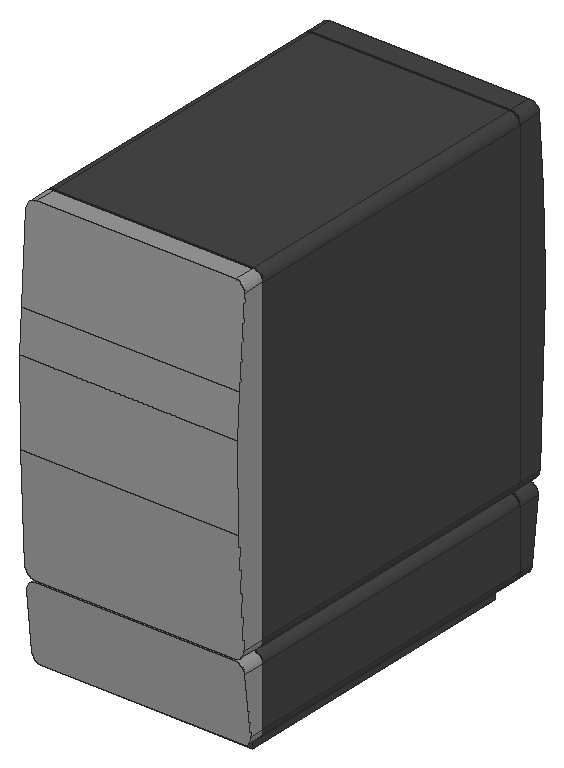
Revit family "Franke_Under_table_refrigerator_UT05_EC-A600_MS_EC_A600_FM_EC_A800_FM_EC(USA)", category Specialty Equipment, Revit 2015
Parameters (values of type "Under table refrigerator UT05 EC-A600 MS EC,A600 FM EC,A800 FM EC(110-127V/USA)")
  Volts max. = 127 V
  URL = "https://www.franke.com/main/en/cs/products/product-search.html"
  Max Overcurrent Protection = "-"
  Depth (mm) = 475 mm
  Temperature range = "+ 3° to + 8°"
  Volts min. = 110 V
  Cycle Alternative = 0 Hz
  Cycle = 60 Hz
  Model = "410879 - Under table refrigerator UT05 EC - A600 MS EC, A600 FM EC, A800 FM EC"
  Milk storage = "5 l"
  Current consumption = 1.5 A
  Cost = 0
  Height (mm) = 544 mm
  Manufacturer = "Franke"
  Energy loss acc. to DIN 18873 = "0.638 kWh/24 h - 230 V"
  Width (mm) = 270 mm
  Description = "key module Under table refrigerator UT05 for storage of cooled milk"
  Assembly Code = "key module Under table refrigerator UT05"
  Keynote = "key module Under table refrigerator UT05"
  Weight = "18 kg"
  Number of Poles = 1
  Number of Protective Conductors = "1"
  Number of Nutral Conductors = "1"
Reference planes
  plane 1 "Mitte (Vorne/Hinten)": y = 0
  plane 2: z = 0
  plane 3 "Mitte (Links/Rechts)": x = 0
Forms (mm)
  Extrusion 1, solid, material "Franke Black"
    sketch origin (0, 0, -42) x (1, 0, 0) y (0, 0, 1)
      loop
        line (123, 586) -> (-123, 586)
        arc (-123, 586) -> (-131.485, 582.485) -> (-135, 574) r 12
        line (-135, 574) -> (-135, 178)
        arc (-135, 178) -> (-131.485, 169.515) -> (-123, 166) r 12
        line (-123, 166) -> (123, 166)
        arc (123, 166) -> (131.485, 169.515) -> (135, 178) r 12
        line (135, 178) -> (135, 574)
        arc (135, 574) -> (131.485, 582.485) -> (123, 586) r 12
      loop
        arc (-135, 78) -> (-131.485, 69.515) -> (-123, 66) r 12
        line (-123, 66) -> (123, 66)
        arc (123, 66) -> (131.485, 69.515) -> (135, 78) r 12
        line (135, 78) -> (135, 151)
        arc (135, 151) -> (131.485, 159.485) -> (123, 163) r 12
        line (123, 163) -> (-123, 163)
        arc (-123, 163) -> (-131.485, 159.485) -> (-135, 151) r 12
        line (-135, 151) -> (-135, 78)
    from -198.03 to 198.03
  Extrusion 2, solid, material "Franke Black"
    sketch origin (0, 0, -42) x (1, 0, 0) y (0, 0, 1)
      loop
        line (-114, 66) -> (-114, 46) -> (114, 46) -> (114, 66) -> (-114, 66)
    from -186.97 to 188.03
  Extrusion 3, solid, material "Franke Anthracite"
    sketch origin (0, 0, -42) x (0, 1, 0) y (0, 0, 1)
      loop
        line (-199.53, 586) -> (-226.03, 586)
        arc (-226.03, 586) -> (-230.318, 527.256) -> (-234.387, 468.497) r 15843.742
        arc (-234.387, 468.497) -> (-235.812, 442.176) -> (-236.543, 415.826) r 1000
        arc (-236.543, 415.826) -> (-236.783, 362.852) -> (-235.96, 309.883) r 2640.505
        arc (-235.96, 309.883) -> (-232.928, 237.872) -> (-227.52, 166) r 2182.336
        line (-227.52, 166) -> (-199.53, 166) -> (-199.53, 586)
      loop
        arc (-227.242, 163) -> (-222.173, 114.438) -> (-216.03, 66) r 2207.212
        line (-216.03, 66) -> (-199.53, 66) -> (-199.53, 163) -> (-227.242, 163)
    from -135 to 135
  Extrusion 4, solid, material "Franke Black"
    sketch origin (0, 0, -42) x (1, 0, 0) y (0, 0, 1)
      loop
        line (-120, 576) -> (-120, 66) -> (120, 66) -> (120, 576) -> (-120, 576)
    from 198.03 to 199.53
  Extrusion 5, solid, material "Franke Black"
    sketch origin (0, 397.56, -42) x (1, 0, 0) y (0, 0, 1)
      loop
        line (-120, 576) -> (-120, 66) -> (120, 66) -> (120, 576) -> (-120, 576)
    from 198.03 to 199.53
  Extrusion 6, solid, material "Franke Black"
    sketch origin (0, 0, -42) x (1, 0, 0) y (0, 1, 0)
      loop
        line (-107.5, 117.97) -> (-107.5, 96.52) -> (-90.75, 96.52) -> (-90.75, 117.97) -> (-107.5, 117.97)
      loop
        line (90.75, 117.97) -> (90.75, 96.52) -> (107.5, 96.52) -> (107.5, 117.97) -> (90.75, 117.97)
      loop
        line (90.75, -97.58) -> (90.75, -119.03) -> (107.5, -119.03) -> (107.5, -97.58) -> (90.75, -97.58)
      loop
        line (-107.5, -97.58) -> (-107.5, -119.03) -> (-90.75, -119.03) -> (-90.75, -97.58) -> (-107.5, -97.58)
    from 42 to 46
  Extrusion 7, solid, material "Franke Black"
    sketch origin (0, 0, -42) x (0, 1, 0) y (0, 0, 1)
      loop
        line (228.03, 586) -> (199.53, 586) -> (199.53, 166) -> (227.909, 166)
        arc (227.909, 166) -> (234.785, 268.409) -> (237.114, 371.022) r 2314.482
        arc (237.114, 371.022) -> (237.115, 384.228) -> (237.104, 397.434) r 15169.055
        arc (237.104, 397.434) -> (236.381, 442.975) -> (234.325, 488.477) r 1555
        arc (234.325, 488.477) -> (231.291, 537.246) -> (228.03, 586) r 10528.092
      loop
        line (199.53, 66) -> (216.03, 66)
        arc (216.03, 66) -> (222.776, 114.386) -> (227.62, 163) r 1246.054
        line (227.62, 163) -> (199.53, 163) -> (199.53, 66)
    from -135 to 135
  Extrusion 8, void
    sketch origin (0, 0, -42) x (1, 0, 0) y (0, 0, 1)
      loop
        line (-123, 586) -> (-123, 596) -> (-145, 596) -> (-145, 574) -> (-135, 574)
        arc (-135, 574) -> (-131.485, 582.485) -> (-123, 586) r 12
      loop
        arc (123, 586) -> (131.485, 582.485) -> (135, 574) r 12
        line (135, 574) -> (145, 574) -> (145, 596) -> (123, 596) -> (123, 586)
      loop
        arc (-123, 166) -> (-131.485, 169.515) -> (-135, 178) r 12
        line (-135, 178) -> (-145, 178) -> (-145, 151) -> (-135, 151)
        arc (-135, 151) -> (-131.485, 159.485) -> (-123, 163) r 12
        line (-123, 163) -> (-123, 166)
      loop
        line (123, 66) -> (123, 56) -> (145, 56) -> (145, 78) -> (135, 78)
        arc (135, 78) -> (131.485, 69.515) -> (123, 66) r 12
      loop
        arc (-123, 66) -> (-131.485, 69.515) -> (-135, 78) r 12
        line (-135, 78) -> (-145, 78) -> (-145, 56) -> (-123, 56) -> (-123, 66)
      loop
        line (123, 166) -> (123, 163)
        arc (123, 163) -> (131.485, 159.485) -> (135, 151) r 12
        line (135, 151) -> (145, 151) -> (145, 178) -> (135, 178)
        arc (135, 178) -> (131.485, 169.515) -> (123, 166) r 12
    from -299.15 to 303.805
  Extrusion 9, void
    sketch origin (0, 0, -42) x (1, 0, 0) y (0, 1, 0)
      loop
        circle (-92.468, -167.051) r 16
      loop
        circle (92.468, -167.051) r 16
      loop
        circle (-92.468, 165.957) r 16
      loop
        circle (92.468, 165.957) r 16
    from 24.233 to 51
  Extrusion 10, solid, material "Franke Chrome"
    sketch origin (0, 0, 0) x (1, 0, 0) y (0, 1, 0)
      loop
        circle (0, 132.477) r 2.5
    from 0 to 4
Cuts and joins
  Extrusion 9 cuts Extrusion 2
  Extrusion 8 cuts Extrusion 3
  Extrusion 8 cuts Extrusion 7
Dimensions and locks
  aligned and locked: level to plane 2
Connectors
  electrical at (0, 132.477, 4), driven by "Number of Poles", driven by "Volts min."
    settings: on Extrusion 10, index 1, voltage 110 V, apparent load 0 VA, apparent load phase1 0 VA, apparent load phase2 0 VA, apparent load phase3 0 VA, power factor 1, load classification "Strom", number of poles 1, system type 31, power factor state 1, is connector primary yes, connector utility no, sub classification motor no, connector description ""
